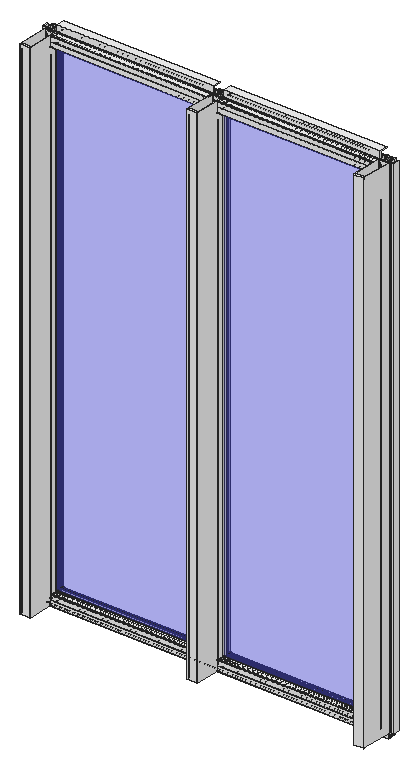
Revit family "Facade_60_Curtain_Wall_E21_Custom", category Windows, host Wall, Revit 2014
Parameters (values of type "F60-E21-Custom")
  Windload Design [instance] = if(Custom Windload < 1001 mm, 1000 mm, if(Custom Windload < 1501 mm, 1500 mm, 2000 mm))  # 1000 mm
  Width [instance] = if(Custom Curtain Wall Width < Limit Door Width Min, Limit Door Width Min, if(Custom Curtain Wall Width > Limit Door Width Max, Limit Door Width Max, Custom Curtain Wall Width))  # 2000 mm
  Wall Thickness [instance] = 200 mm
  Vertical Profile Length [instance] = Height - Frame Bottom Gap  # 2970 mm
  URL = "http://www.crealco.co.za/crealco-products.php"
  Type Comments = ""
  Top Profile Overhang = 5.9 mm  # constant formula
  Thermal Resistance (R) [instance] = if(IGDB or SAGDB Number = 100100, 1.0000 (m²·K)/W / Intruderprufe U Value, if(IGDB or SAGDB Number = 100100, 1.0000 (m²·K)/W / Intruderprufe U Value, if(IGDB or SAGDB Number = 105003, 1.0000 (m²·K)/W / Intruderprufe Insulated U Value, if(IGDB or SAGDB Number = 105004, 1.0000 (m²·K)/W / Intruderprufe Insulated LowE U Value, 1.0000 (m²·K)/W / 7.9)))) * 1  # 0.126582 (m²·K)/W
  Thermal Break Material = Plastic, Opaque Black
  Solar Heat Gain Coefficient [instance] = if(IGDB or SAGDB Number = 100100, Intruderprufe SHGC Value, if(IGDB or SAGDB Number = 103200, Intruderprufe LowE SHGC Value, if(IGDB or SAGDB Number = 105003, Intruderprufe Insulated SHGC Value, if(IGDB or SAGDB Number = 105004, Intruderprufe Insulated LowE SHGC Value, 0))))  # 0
  Single Glazing [instance] = if(DG Forced, 1 = 0, not(Double Glazing))  # no
  Sill Height = 85 mm  # constant formula
  SG Forced [instance] = not(DG Forced)  # no
  Quarter Expansion Break = yes
  Overall Width [instance] = 2000 mm
  Overall Height [instance] = 3000 mm
  Mullion Side Gap [instance] = (Width / 2) - 30 mm  # 970 mm
  Mullion Configuration [instance] = if(Windload Design = 1000 mm, if(not(Height > 2490 mm), 1 mm, if(and(not(Height > 4990 mm), not(Width > 1790 mm)), 2 mm, 3 mm)), if(Windload Design = 1500 mm, if(Height > 2490 mm, 3 mm, if(Width > 2990 mm, 2 mm, 1 mm)), if(Height > 2490 mm, 3 mm, if(Width > 1790 mm, 2 mm, 1 mm))))  # 3 mm
  Model = "Facade 60"
  Max System DG Unit Thickness = 25 mm  # constant formula
  Max System DG One Piece Thickness [instance] = rounddown((Max System DG Unit Thickness - DG Gasket Thickness) / 2 mm) * 1 mm  # 6 mm
  Max Pane Area [instance] = Glazing Width * Glazing Height  # 2.74704 m²
  Manufacturer = "Crealco"
  Limit Door Width Min = (2 * Limit Panel Width Min) + (2 * Glazing Side Gap) + 19.6 mm  # 699.2 mm
  Limit Door Width Max = (2 * Limit Panel Width Max) + (2 * Glazing Side Gap) + 19.6 mm  # 6099.2 mm
  Limit Door Height Min = Limit Panel Height Min + Glazing Top Gap + Glazing Bottom Gap  # 409.6 mm
  Limit Door Height Max = Limit Panel Height Max + Glazing Top Gap + Glazing Bottom Gap  # 6109.6 mm
  Limit Panel Width Min = 300 mm  # constant formula
  Limit Panel Width Max = 3000 mm  # constant formula
  Limit Panel Height Min = 300 mm  # constant formula
  Limit Panel Height Max = 6000 mm  # constant formula
  Sill Length [instance] = Width  # 2000 mm
  Length Sill [instance] = Width  # 2000 mm
  Keynote = ""
  Jamb Width = 60 mm  # constant formula
  Intruderprufe U Value = 0
  Intruderprufe SHGC Value = 0
  Intruderprufe LowE U Value = 0
  Intruderprufe LowE SHGC Value = 0
  Intruderprufe Insulated U Value = 0
  Intruderprufe Insulated SHGC Value = 0
  Intruderprufe Insulated LowE U Value = 0
  Intruderprufe Insulated LowE SHGC Value = 0
  Horizontal Profile Length [instance] = (Width - (2 * Jamb Width) - 60 mm) / 2  # 910 mm
  Half Expansion Break = no
  Glazing Width [instance] = Horizontal Profile Length + (2 mm * 20.2)  # 950.4 mm
  Glazing Top Gap = 39.8 mm  # constant formula
  Glazing Side Gap = 39.8 mm  # constant formula
  Glazing Height [instance] = Height - Glazing Top Gap - Glazing Bottom Gap  # 2890.4 mm
  Glazing Gap SG [instance] = (14 mm - SG Thickness) / 2  # 3.8 mm
  Glazing Gap DG [instance] = (28 mm - (DG Thickness + DG Thickness + DG Gasket Thickness)) / 2  # 3 mm
  Glazing Bottom Gap = 69.8 mm  # constant formula
  Frame Thickness = 101.8 mm  # constant formula
  Frame Bottom Gap = 30 mm  # constant formula
  Door Leaf Height [instance] = 2050 mm
  Double Glazing [instance] = yes
  DG Thickness Calc [instance] = if(not(Max Pane Area > 1.125 m²), 4 mm, if(not(Max Pane Area > 2.25 m²), 4 mm, if(not(Max Pane Area > 3.15 m²), 5 mm, if(not(Max Pane Area > 4.35 m²), 6 mm, if(not(Max Pane Area > 6.45 m²), 8 mm, 10 mm)))))  # 5 mm
  DG Thickness [instance] = if(IGDB or SAGDB Number = 105003, 6 mm, if(IGDB or SAGDB Number = 105004, 7 mm, if(DG Thickness Calc > Max System DG One Piece Thickness, Max System DG One Piece Thickness, DG Thickness Calc)))  # 5 mm
  DG Gasket Thickness = 12 mm  # constant formula
  DG Gasket Finish [instance] = Double Glazing Gasket Material
  DG Forced [instance] = if(IGDB or SAGDB Number = 100100, 1 = 0, if(IGDB or SAGDB Number = 103200, 1 = 0, if(IGDB or SAGDB Number = 105003, 1 = 1, if(IGDB or SAGDB Number = 105004, 1 = 1, Double Glazing))))  # yes
  IGDB or SAGDB Number [instance] = 0
  Height [instance] = if(Custom Curtain Wall Height < Limit Door Height Min, Limit Door Height Min, if(Custom Curtain Wall Height > Limit Door Height Max, Limit Door Height Max, Custom Curtain Wall Height))  # 3000 mm
  Heat Transfer Coefficient (U) [instance] = if(IGDB or SAGDB Number = 100100, Intruderprufe U Value, if(IGDB or SAGDB Number = 103200, Intruderprufe LowE U Value, if(IGDB or SAGDB Number = 105003, Intruderprufe Insulated U Value, if(IGDB or SAGDB Number = 105004, Intruderprufe Insulated LowE U Value, 7.9)))) * 1.0000 W/(m²·K)  # 7.9000 W/(m²·K)
  SG Thickness [instance] = if(IGDB or SAGDB Number = 100100, 6 mm, if(IGDB or SAGDB Number = 103200, 7 mm, if(not(Max Pane Area > 0.75 m²), 4 mm, if(not(Max Pane Area > 1.50 m²), 4 mm, if(not(Max Pane Area > 2.10 m²), 5 mm, if(not(Max Pane Area > 2.90 m²), 6.4 mm, if(not(Max Pane Area > 4.30 m²), 8 mm, 10 mm)))))))  # 6.4 mm
  Glazing Material [instance] = if(IGDB or SAGDB Number = 100100, "PFG INTRUDERPRUFE 6.38mm", if(IGDB or SAGDB Number = 103200, "PFG INTRUDERPRUFE LOW-E 7.38mm", if(IGDB or SAGDB Number = 105003, "PFG 25mm INTRUDERPRUFE INSULATED GLASS", if(IGDB or SAGDB Number = 105004, "PFG 25mm INTRUDERPRUFE INSULATED GLASS LOW-E", "Unknown"))))  # "Unknown"
  Glazing Finish [instance] = Glass
  Glazing Code [instance] = if(IGDB or SAGDB Number = 100100, "LAM01", if(IGDB or SAGDB Number = 103200, "LAM01E", if(IGDB or SAGDB Number = 105003, "IGU25", if(IGDB or SAGDB Number = 105004, "IGU25E", "Unknown"))))  # "Unknown"
  Frame Offset From Exterior [instance] = if(Centered In Wall, (Wall Thickness - Frame Thickness) / 2, Custom Offset From Exterior) + 5.9 mm  # 55 mm
  Description = "Curtain Wall, E21"
  Default Sill Height = 0 mm
  Wall Closure = By host
  Custom Curtain Wall Width [instance] = 2000 mm
  Custom Curtain Wall Height [instance] = 3000 mm
  Custom Windload [instance] = 1000 mm
  Custom Offset From Exterior [instance] = 0 mm
  Centered In Wall [instance] = yes
  Aluminium Finish [instance] = White Powder Coated Aluminium ANP 1052
  All Available Glazing Numbers [instance] = "The rows below list the available glazing materials for this window:"  # constant formula
  190mm Mullion [instance] = if(Mullion Configuration = 3 mm, 1 = 1, 1 = 0)  # yes
  160mm Mullion [instance] = if(Mullion Configuration = 2 mm, 1 = 1, 1 = 0)  # no
  105004 [instance] = "IGU25E"  # constant formula
  105003 [instance] = "IGU25"  # constant formula
  103200 [instance] = "LAM01E"  # constant formula
  100mm Mullion [instance] = if(or(Mullion Configuration = 2 mm, Mullion Configuration = 3 mm), 1 = 0, 1 = 1)  # no
  100100 [instance] = "LAM01"  # constant formula
Reference planes
  plane 1 "Center (Front/Back)": y = 0
  plane 2 "Center (Left/Right)": x = 0
  plane 3 "Left": x = -1000
  plane 4 "Right": x = 1000
  plane 5 "Sill": z = 0
  plane 6 "Head": z = 3000
  plane 7 "Exterior": y = 100
  plane 8 "Interior": y = -100
Lines and regions (mm)
  Opening 1
    outline origin (3507.082, -100, 0) x (1, 0, 0) y (0, 0, 1)
      loop
        line (-2507.082, 0) -> (-2507.082, 3000) -> (-4507.082, 3000) -> (-4507.082, 0) -> (-2507.082, 0)
Text (mm)
  text "EXTERIOR" at (-1963.203, 1332.353, 0), in view "Ref. Level"
  text "INTERIOR" at (-1981.466, -818.386, 0), in view "Ref. Level"
  text "Exterior" at (0, 923.751, 2943.296), in view "Right"
  text "Exterior" at (0, 1040.484, 2685.409), in view "Left"
Dimensions and locks
  equal spacing: plane 3 "Left", plane 2 "Center (Left/Right)", plane 4 "Right"
  "Width": plane 3 "Left" to plane 4 "Right"
  "Height": plane 5 "Sill" to plane 6 "Head"
  "Default Sill Height": plane 5 "Sill" to level
  locked: plane 7 "Exterior" to host wall at 0
  locked: plane 8 "Interior" to host wall
  "Overall Height": plane 6 "Head" to plane 5 "Sill"
  "Overall Width": plane 3 "Left" to plane 4 "Right"
  "Wall Thickness": host wall to host wall
  "Jamb Width": nested 3 to plane 4 "Right"
  "Jamb Width": nested 5 to plane 4 "Right"
  "Frame Bottom Gap": nested 5 to level
  "Frame Offset From Exterior": nested 1 to plane 7 "Exterior"
  "Glazing Side Gap": nested 6 to plane 4 "Right"
  "Glazing Top Gap": nested 6 to plane 6 "Head"
  "Glazing Gap SG": nested 6 to nested 1
  "Glazing Side Gap": nested 7 to plane 4 "Right"
  "Glazing Top Gap": nested 7 to plane 6 "Head"
  "Glazing Gap DG": nested 7 to nested 1
  "Mullion Side Gap": nested 8 to plane 4 "Right"
  "Frame Bottom Gap": nested 8 to level
  "Jamb Width": plane 3 "Left" to nested 10
  "Jamb Width": plane 3 "Left" to nested 9
  "Glazing Side Gap": plane 3 "Left" to nested 11
  "Glazing Side Gap": plane 3 "Left" to nested 12
  "Glazing Gap SG": nested 2 to nested 12
  "Glazing Gap DG": nested 2 to nested 11
  "Glazing Bottom Gap": nested 11 to level
  "Glazing Bottom Gap": nested 12 to level
  "Frame Bottom Gap": nested 9 to level
  aligned and locked: plane 4 "Right" to nested 1
  aligned and locked: nested 1 to plane 6 "Head"
  aligned and locked: plane 3 "Left" to nested 2
  aligned and locked: plane 6 "Head" to nested 2
  aligned and locked: nested 3 to plane 6 "Head"
  aligned and locked: nested 4 to level
  aligned and locked: plane 4 "Right" to nested 4
  aligned and locked: nested 1 to nested 2
  aligned and locked: nested 5 to nested 4
  aligned and locked: nested 8 to nested 2
  aligned and locked: nested 10 to plane 6 "Head"
  aligned and locked: nested 5 to nested 10
  aligned and locked: nested 5 to nested 9
  aligned and locked: nested 10 to nested 3
  aligned and locked: nested 10 to nested 2
Automatic sketch dimensions
  plane 3 "Left" to Opening 1 sketch curve = 0 mm
  plane 4 "Right" to Opening 1 sketch curve = 0 mm
  Opening 1 sketch curve to plane 5 "Sill" = 0 mm
  Opening 1 sketch curve to plane 6 "Head" = 0 mm
Nested families
  nested 1: "F60 Vertical Profile Side_E21_Cust" at (1000, -1.058, 30) x (-1, 0, 0) z (0, 0, 1), Thermal Break Material <- "Thermal Break Material", Profile Material <- "Aluminium Finish", Length <- "Vertical Profile Length", Single Glazing <- "SG Forced", Double Glazing <- "DG Forced", 100mm Mullion <- "100mm Mullion", 160mm Mullion <- "160mm Mullion", 190mm Mullion <- "190mm Mullion", Quarter Expansion Break <- "Quarter Expansion Break", Half Expansion Break <- "Half Expansion Break", type "F60 Vertical Profile Side_E21_Cust"
    with Thermal Break Material Plastic, Opaque Black, Single Glazing no, Quarter SG Expansion Break no, Quarter Length 742.5 mm, Quarter Expansion Break yes, Quarter DG Expansion Break yes, Quarter 190mm Expansion Break yes, Quarter 160mm Expansion Break no, Quarter 100mm Expansion Break no, Profile Material White Powder Coated Aluminium ANP 1052, Length 2970 mm, Half SG Expansion Break no, Half Length 1485 mm, Half Expansion Break no, Half DG Expansion Break no, Half 190mm Expansion Joint no, Half 160mm Expansion Break no, Half 100mm Expansion Break no, Double Glazing yes, 190mm Mullion yes, 160mm Mullion no, 100mm Mullion no
  nested 2: "F60 Vertical Profile Side_E21_Cust" at (-1000, -1.058, 30), Thermal Break Material <- "Thermal Break Material", Profile Material <- "Aluminium Finish", Length <- "Vertical Profile Length", Single Glazing <- "SG Forced", Double Glazing <- "DG Forced", 100mm Mullion <- "100mm Mullion", 160mm Mullion <- "160mm Mullion", 190mm Mullion <- "190mm Mullion", Quarter Expansion Break <- "Quarter Expansion Break", Half Expansion Break <- "Half Expansion Break", type "F60 Vertical Profile Side_E21_Cust"
    with Thermal Break Material Plastic, Opaque Black, Single Glazing no, Quarter SG Expansion Break no, Quarter Length 742.5 mm, Quarter Expansion Break yes, Quarter DG Expansion Break yes, Quarter 190mm Expansion Break yes, Quarter 160mm Expansion Break no, Quarter 100mm Expansion Break no, Profile Material White Powder Coated Aluminium ANP 1052, Length 2970 mm, Half SG Expansion Break no, Half Length 1485 mm, Half Expansion Break no, Half DG Expansion Break no, Half 190mm Expansion Joint no, Half 160mm Expansion Break no, Half 100mm Expansion Break no, Double Glazing yes, 190mm Mullion yes, 160mm Mullion no, 100mm Mullion no
  nested 3: "F60 Horizontal Profile Top_E21_Cust" at (940, -50.858, 2940) x (-1, 0, 0) z (0, 0, 1), Thermal Break Material <- "Thermal Break Material", Profile Material <- "Aluminium Finish", Length <- "Horizontal Profile Length", Single Glazing <- "SG Forced", Double Glazing <- "DG Forced", type "F60 Horizontal Profile Top_E21_Cust"
    with Thermal Break Material Plastic, Opaque Black, Single Glazing no, Profile Material White Powder Coated Aluminium ANP 1052, Length 910 mm, Double Glazing yes
  nested 4: "F60 Sill_E21_Cust" at (1000, -13.486, -1.88) x (-1, 0, 0) z (0, 0, 1), Profile Material <- "Aluminium Finish", Length Sill <- "Length Sill", type "F60 Sill_E21_Cust"
    with Profile Material White Powder Coated Aluminium ANP 1052, Length Sill 2000 mm
  nested 5: "F60 Horizontal Profile Bottom_E21_Cust" at (940, -50.858, 30) x (-1, 0, 0) z (0, 0, 1), Thermal Break Material <- "Thermal Break Material", Profile Material <- "Aluminium Finish", Length <- "Horizontal Profile Length", Single Glazing <- "SG Forced", Double Glazing <- "DG Forced", type "F60 Horizontal Profile Bottom_E21_Cust"
    with Thermal Break Material Plastic, Opaque Black, Single Glazing no, Profile Material White Powder Coated Aluminium ANP 1052, Length 910 mm, Double Glazing yes
  nested 6: "F60_Single_Glazing_E21_Cust" at (960.2, 9.142, 69.8), Glazing Width <- "Glazing Width", Glazing Height <- "Glazing Height", SG Thickness <- "SG Thickness", Glazing Finish <- "Glazing Finish", visible <- "SG Forced", type "F60_Single_Glazing_E21_Cust"
    with SG Thickness 6.4 mm, Glazing Width 950.4 mm, Glazing Height 2890.4 mm, Glazing Finish Glass
  nested 7: "F60_Double_Glazing_E21_Cust" at (960.2, 23.942, 69.8), Glazing Material <- "Glazing Finish", Double Glazing Gasket Material <- "DG Gasket Finish", Glazing Width <- "Glazing Width", Glazing Height <- "Glazing Height", Glazing Thickness DG <- "DG Thickness", Double Glazing Gasket Thickness <- "DG Gasket Thickness", visible <- "DG Forced", type "F60_Double_Glazing_E21_Cust"
    with Glazing Width 950.4 mm, Glazing Thickness DG 5 mm, Glazing Material Glass, Glazing Height 2890.4 mm, Double Glazing Gasket Thickness 12 mm, Double Glazing Gasket Material Double Glazing Gasket Material
  nested 8: "F60 Vertical Profile Middle_E21_Cust" at (30, -1.058, 30) x (-1, 0, 0) z (0, 0, 1), Thermal Break Material <- "Thermal Break Material", Profile Material <- "Aluminium Finish", Single Glazing <- "SG Forced", Double Glazing <- "DG Forced", 190mm Mullion <- "190mm Mullion", 160mm Mullion <- "160mm Mullion", 100mm Mullion <- "100mm Mullion", Length <- "Vertical Profile Length", Half Expansion Break <- "Half Expansion Break", Quarter Expansion Break <- "Quarter Expansion Break", type "F60 Vertical Profile Middle_E21_Cust"
    with Thermal Break Material Plastic, Opaque Black, Single Glazing no, Quarter SG Expansion Break no, Quarter Length 742.5 mm, Quarter Expansion Break yes, Quarter DG Expansion Break yes, Quarter 190mm Expansion Break yes, Quarter 160mm Expansion Break no, Quarter 100mm Expansion Break no, Profile Material White Powder Coated Aluminium ANP 1052, Length 2970 mm, Half SG Expansion Break no, Half Length 1485 mm, Half Expansion Break no, Half DG Expansion Break no, Half 190mm Expansion Joint no, Half 160mm Expansion Break no, Half 100mm Expansion Break no, Double Glazing yes, 190mm Mullion yes, 160mm Mullion no, 100mm Mullion no
  nested 9: "F60 Horizontal Profile Bottom_E21_Cust" at (-30, -50.858, 30) x (-1, 0, 0) z (0, 0, 1), Thermal Break Material <- "Thermal Break Material", Profile Material <- "Aluminium Finish", Length <- "Horizontal Profile Length", Single Glazing <- "SG Forced", Double Glazing <- "DG Forced", type "F60 Horizontal Profile Bottom_E21_Cust"
    with Thermal Break Material Plastic, Opaque Black, Single Glazing no, Profile Material White Powder Coated Aluminium ANP 1052, Length 910 mm, Double Glazing yes
  nested 10: "F60 Horizontal Profile Top_E21_Cust" at (-30, -50.858, 2940) x (-1, 0, 0) z (0, 0, 1), Thermal Break Material <- "Thermal Break Material", Profile Material <- "Aluminium Finish", Length <- "Horizontal Profile Length", Single Glazing <- "SG Forced", Double Glazing <- "DG Forced", type "F60 Horizontal Profile Top_E21_Cust"
    with Thermal Break Material Plastic, Opaque Black, Single Glazing no, Profile Material White Powder Coated Aluminium ANP 1052, Length 910 mm, Double Glazing yes
  nested 11: "F60_Double_Glazing_E21_Cust" at (-9.8, 23.942, 69.8), Glazing Material <- "Glazing Finish", Double Glazing Gasket Material <- "DG Gasket Finish", Glazing Width <- "Glazing Width", Glazing Height <- "Glazing Height", Glazing Thickness DG <- "DG Thickness", Double Glazing Gasket Thickness <- "DG Gasket Thickness", visible <- "DG Forced", type "F60_Double_Glazing_E21_Cust"
    with Glazing Width 950.4 mm, Glazing Thickness DG 5 mm, Glazing Material Glass, Glazing Height 2890.4 mm, Double Glazing Gasket Thickness 12 mm, Double Glazing Gasket Material Double Glazing Gasket Material
  nested 12: "F60_Single_Glazing_E21_Cust" at (-9.8, 9.142, 69.8), Glazing Width <- "Glazing Width", Glazing Height <- "Glazing Height", SG Thickness <- "SG Thickness", Glazing Finish <- "Glazing Finish", visible <- "SG Forced", type "F60_Single_Glazing_E21_Cust"
    with SG Thickness 6.4 mm, Glazing Width 950.4 mm, Glazing Height 2890.4 mm, Glazing Finish Glass
Definition of nested family "F60 Vertical Profile Side_E21_Cust"
  Parameters (values of type "F60 Vertical Profile Side")
    Quarter SG Expansion Break [instance] = if(and(Quarter Expansion Break, Single Glazing), 1 = 1, 1 = 0)  # yes
    Quarter Length [instance] = Length / 4  # 62.5 mm
    Thermal Break Material [instance] = none
    Single Glazing [instance] = yes
    Quarter Expansion Break [instance] = yes
    Quarter DG Expansion Break [instance] = if(and(Quarter Expansion Break, Double Glazing), 1 = 1, 1 = 0)  # yes
    Quarter 190mm Expansion Break [instance] = if(and(Quarter Expansion Break, [190mm Mullion]), 1 = 1, 1 = 0)  # yes
    Quarter 160mm Expansion Break [instance] = if(and(Quarter Expansion Break, [160mm Mullion]), 1 = 1, 1 = 0)  # yes
    Quarter 100mm Expansion Break [instance] = if(and(Quarter Expansion Break, [100mm Mullion]), 1 = 1, 1 = 0)  # yes
    Profile Material [instance] = none
    Length [instance] = 250 mm
    Half SG Expansion Break [instance] = if(and(Half Expansion Break, Single Glazing), 1 = 1, 1 = 0)  # yes
    Half Length [instance] = Length / 2  # 125 mm
    Half Expansion Break [instance] = yes
    Half DG Expansion Break [instance] = if(and(Half Expansion Break, Double Glazing), 1 = 1, 1 = 0)  # yes
    Half 190mm Expansion Joint [instance] = if(and(Half Expansion Break, [190mm Mullion]), 1 = 1, 1 = 0)  # yes
    Half 160mm Expansion Break [instance] = if(and(Half Expansion Break, [160mm Mullion]), 1 = 1, 1 = 0)  # yes
    Half 100mm Expansion Break [instance] = if(and(Half Expansion Break, [100mm Mullion]), 1 = 1, 1 = 0)  # yes
    Double Glazing [instance] = yes
    190mm Mullion [instance] = yes
    160mm Mullion [instance] = yes
    100mm Mullion [instance] = yes
  Reference planes
    plane 1 "Center (Front/Back)": y = 0
    plane 2: z = 0
    plane 3 "Center (Left/Right)": x = 0
  Forms (mm)
    Extrusion 1, solid, material <- "Profile Material"
      sketch origin (0, 0, 0) x (1, 0, 0) y (0, 1, 0)
        loop
          arc (25.249, -8.7) -> (25.484, -9.266) -> (26.049, -9.5) r 0.8
          line (26.049, -9.5) -> (27.1, -9.5) -> (27.1, 7) -> (32.902, 7) -> (32.902, -9.5) -> (33.951, -9.5)
          arc (33.951, -9.5) -> (34.516, -9.266) -> (34.751, -8.7) r 0.8
          line (34.751, -8.7) -> (34.751, 6.2)
          arc (34.751, 6.2) -> (34.985, 6.766) -> (35.551, 7) r 0.8
          line (35.551, 7) -> (52.1, 7) -> (52.1, 5.4) -> (50.55, 5.4) -> (50.55, 4.55)
          arc (50.55, 4.55) -> (50.726, 4.126) -> (51.15, 3.95) r 0.6
          line (51.15, 3.95) -> (52.1, 3.95) -> (52.1, 1)
          arc (52.1, 1) -> (51.6, 0.5) -> (52.1, 0) r 0.5
          line (52.1, 0) -> (54.45, 0) -> (54.45, 1.15) -> (53.3, 1.15) -> (53.3, 2.45) -> (58.8, 2.45) -> (58.8, 1.15) -> (57.65, 1.15) -> (57.65, 0) -> (59.5, 0)
          arc (59.5, 0) -> (59.854, 0.146) -> (60, 0.5) r 0.5
          line (60, 0.5) -> (60, 3.9) -> (53.55, 3.9) -> (53.55, 7.6)
          arc (53.55, 7.6) -> (53.316, 8.166) -> (52.75, 8.4) r 0.8
          line (52.75, 8.4) -> (30, 8.4) -> (7.25, 8.4)
          arc (7.25, 8.4) -> (6.684, 8.166) -> (6.45, 7.6) r 0.8
          line (6.45, 7.6) -> (6.45, 3.9) -> (0, 3.9) -> (0, 0.5)
          arc (0, 0.5) -> (0.146, 0.146) -> (0.5, 0) r 0.5
          line (0.5, 0) -> (2.35, 0) -> (2.35, 1.15) -> (1.2, 1.15) -> (1.2, 2.45) -> (6.7, 2.45) -> (6.7, 1.15) -> (5.55, 1.15) -> (5.55, 0) -> (7.9, 0)
          arc (7.9, 0) -> (8.4, 0.5) -> (7.9, 1) r 0.5
          line (7.9, 1) -> (7.9, 3.95) -> (8.85, 3.95)
          arc (8.85, 3.95) -> (9.274, 4.126) -> (9.45, 4.55) r 0.6
          line (9.45, 4.55) -> (9.45, 5.4) -> (7.9, 5.4) -> (7.9, 7) -> (24.449, 7)
          arc (24.449, 7) -> (25.015, 6.766) -> (25.249, 6.2) r 0.8
          line (25.249, 6.2) -> (25.249, -8.7)
      from 0 to 250 <- "Length"
    Extrusion 2, solid, material <- "Thermal Break Material"
      sketch origin (0, 0, 0) x (1, 0, 0) y (0, 1, 0)
        loop
          line (1.75, 9.8) -> (1.75, 5.2) -> (0, 5.2) -> (0, 3.9) -> (6.35, 3.9) -> (6.35, 7.856)
          arc (6.35, 7.856) -> (6.526, 8.281) -> (6.95, 8.456) r 0.6
          line (6.95, 8.456) -> (30, 8.456) -> (53.05, 8.456)
          arc (53.05, 8.456) -> (53.474, 8.281) -> (53.65, 7.856) r 0.6
          line (53.65, 7.856) -> (53.65, 3.9) -> (60, 3.9) -> (60, 5.2) -> (58.25, 5.2) -> (58.25, 9.8) -> (30, 9.8) -> (1.75, 9.8)
      from 0 to 250 <- "Length"
    Extrusion 3, solid, material <- "Thermal Break Material", visible <- "Single Glazing"
      sketch origin (0, 0, 0) x (1, 0, 0) y (0, 1, 0)
        loop
          line (25.749, -14.011) -> (27.672, -14.011) -> (28.481, -12.611) -> (31.518, -12.611) -> (32.327, -14.011) -> (34.249, -14.011)
          arc (34.249, -14.011) -> (34.603, -13.864) -> (34.749, -13.511) r 0.5
          line (34.749, -13.511) -> (34.749, -10.011)
          arc (34.749, -10.011) -> (34.603, -9.657) -> (34.249, -9.511) r 0.5
          line (34.249, -9.511) -> (32.352, -9.511) -> (32.352, 0.19) -> (31.349, 2.261)
          arc (31.349, 2.261) -> (29.999, 2.986) -> (28.649, 2.261) r 1.62
          line (28.649, 2.261) -> (27.647, 0.19) -> (27.647, -9.511) -> (25.749, -9.511)
          arc (25.749, -9.511) -> (25.396, -9.657) -> (25.249, -10.011) r 0.5
          line (25.249, -10.011) -> (25.249, -13.511)
          arc (25.249, -13.511) -> (25.396, -13.864) -> (25.749, -14.011) r 0.5
        loop
          line (28.504, -10.005) -> (28.504, -10.861)
          arc (28.504, -10.861) -> (28.651, -11.214) -> (29.004, -11.361) r 0.5
          line (29.004, -11.361) -> (30.994, -11.361)
          arc (30.994, -11.361) -> (31.348, -11.214) -> (31.494, -10.861) r 0.5
          line (31.494, -10.861) -> (31.494, -10.005) -> (30.708, -9.219)
          arc (30.708, -9.219) -> (30.383, -9.001) -> (29.999, -8.924) r 1.007
          arc (29.999, -8.924) -> (29.616, -8.999) -> (29.292, -9.217) r 0.986
          line (29.292, -9.217) -> (28.504, -10.005)
        loop
          arc (30.896, 1.935) -> (29.887, 2.44) -> (29.005, 1.735) r 1.047
          line (29.005, 1.735) -> (28.347, 0.374) -> (28.347, -6.993)
          arc (28.347, -6.993) -> (28.583, -7.417) -> (29.068, -7.441) r 0.5
          arc (29.068, -7.441) -> (29.999, -7.223) -> (30.93, -7.441) r 2.099
          arc (30.93, -7.441) -> (31.416, -7.417) -> (31.652, -6.993) r 0.5
          line (31.652, -6.993) -> (31.652, 0.374) -> (30.896, 1.935)
      from 0 to 250 <- "Length"
    Extrusion 4, solid, material <- "Profile Material", visible <- "Single Glazing"
      sketch origin (0, 0, 0) x (1, 0, 0) y (0, 1, 0)
        loop
          line (52.693, -14.011) -> (32.327, -14.011) -> (31.519, -12.611) -> (28.481, -12.611) -> (27.673, -14.011) -> (7.307, -14.011) -> (7.307, -15.011) -> (8.457, -15.011) -> (8.457, -16.261) -> (2.957, -16.261) -> (2.957, -15.011) -> (4.107, -15.011) -> (4.107, -14.011) -> (1.707, -14.011)
          arc (1.707, -14.011) -> (1.199, -14.293) -> (1.168, -14.873) r 0.6
          line (1.168, -14.873) -> (2.093, -16.772) -> (1.015, -17.298) -> (1.484, -18.261) -> (11.488, -18.261)
          arc (11.488, -18.261) -> (11.913, -18.085) -> (12.088, -17.661) r 0.6
          line (12.088, -17.661) -> (12.088, -16.811) -> (47.912, -16.811) -> (47.912, -17.661)
          arc (47.912, -17.661) -> (48.088, -18.085) -> (48.512, -18.261) r 0.6
          line (48.512, -18.261) -> (58.518, -18.261) -> (58.987, -17.298) -> (57.908, -16.772) -> (58.834, -14.874)
          arc (58.834, -14.874) -> (58.802, -14.293) -> (58.293, -14.011) r 0.6
          line (58.293, -14.011) -> (55.893, -14.011) -> (55.893, -15.011) -> (57.043, -15.011) -> (57.043, -16.261) -> (51.543, -16.261) -> (51.543, -15.011) -> (52.693, -15.011) -> (52.693, -14.011)
      from 0 to 250 <- "Length"
    Extrusion 5, solid, material <- "Profile Material", visible <- "Single Glazing"
      sketch origin (0, 0, 0) x (1, 0, 0) y (0, 1, 0)
        loop
          line (2.801, -18.261) -> (1.484, -18.261) -> (1.015, -17.298) -> (2.093, -16.772) -> (0.779, -14.076)
          arc (0.779, -14.076) -> (0.239, -14.21) -> (0.001, -14.713) r 0.65
          line (0.001, -14.713) -> (0.001, -28.068)
          arc (0.001, -28.068) -> (1.172, -30.897) -> (4.001, -32.068) r 4
          line (4.001, -32.068) -> (30.001, -32.068) -> (56.001, -32.068)
          arc (56.001, -32.068) -> (58.829, -30.897) -> (60.001, -28.068) r 4
          line (60.001, -28.068) -> (60.001, -14.713)
          arc (60.001, -14.713) -> (59.763, -14.21) -> (59.223, -14.076) r 0.65
          line (59.223, -14.076) -> (57.908, -16.772) -> (58.987, -17.298) -> (58.518, -18.261) -> (57.201, -18.261)
          arc (57.201, -18.261) -> (56.83, -18.425) -> (56.703, -18.811) r 0.5
          arc (56.703, -18.811) -> (56.83, -19.196) -> (57.201, -19.361) r 0.5
          line (57.201, -19.361) -> (58.951, -19.361) -> (58.951, -27.968)
          arc (58.951, -27.968) -> (58.131, -29.948) -> (56.151, -30.768) r 2.8
          line (56.151, -30.768) -> (30.001, -30.768) -> (3.851, -30.768)
          arc (3.851, -30.768) -> (1.871, -29.948) -> (1.051, -27.968) r 2.8
          line (1.051, -27.968) -> (1.051, -19.361) -> (2.801, -19.361)
          arc (2.801, -19.361) -> (3.172, -19.196) -> (3.298, -18.811) r 0.5
          arc (3.298, -18.811) -> (3.172, -18.425) -> (2.801, -18.261) r 0.5
      from 0 to 250 <- "Length"
    Extrusion 6, solid, material <- "Profile Material", visible <- "100mm Mullion"
      sketch origin (0, 0, 0) x (1, 0, 0) y (0, 1, 0)
        loop
          line (14.02, 13) -> (45.98, 13)
          arc (45.98, 13) -> (46.539, 12.842) -> (46.917, 12.4) r 1
          arc (46.917, 12.4) -> (47.285, 11.963) -> (47.833, 11.8) r 1
          line (47.833, 11.8) -> (58.15, 11.8) -> (58.15, 96.3) -> (47.833, 96.3)
          arc (47.833, 96.3) -> (47.285, 96.137) -> (46.917, 95.7) r 1
          arc (46.917, 95.7) -> (46.548, 95.263) -> (46, 95.1) r 1
          line (46, 95.1) -> (14, 95.1)
          arc (14, 95.1) -> (13.452, 95.263) -> (13.083, 95.7) r 1
          arc (13.083, 95.7) -> (12.715, 96.137) -> (12.167, 96.3) r 1
          line (12.167, 96.3) -> (1.85, 96.3) -> (1.85, 11.8) -> (12.167, 11.8)
          arc (12.167, 11.8) -> (12.715, 11.963) -> (13.083, 12.4) r 1
          arc (13.083, 12.4) -> (13.461, 12.842) -> (14.02, 13) r 1
        loop
          line (1.65, 9.856) -> (58.35, 9.856) -> (58.35, 5.2) -> (60, 5.2) -> (60, 98.8)
          arc (60, 98.8) -> (59.707, 99.507) -> (59, 99.8) r 1
          line (59, 99.8) -> (1, 99.8)
          arc (1, 99.8) -> (0.293, 99.507) -> (0, 98.8) r 1
          line (0, 98.8) -> (0, 5.2) -> (1.65, 5.2) -> (1.65, 9.856)
      from 0 to 250 <- "Length"
    Extrusion 7, solid, material <- "Profile Material", visible <- "160mm Mullion"
      sketch origin (0, 0, 0) x (1, 0, 0) y (0, 1, 0)
        loop
          arc (2.35, 15.6) -> (2.526, 15.176) -> (2.95, 15) r 0.6
          line (2.95, 15) -> (57.05, 15)
          arc (57.05, 15) -> (57.474, 15.176) -> (57.65, 15.6) r 0.6
          line (57.65, 15.6) -> (57.65, 153.7)
          arc (57.65, 153.7) -> (57.474, 154.124) -> (57.05, 154.3) r 0.6
          line (57.05, 154.3) -> (47.833, 154.3)
          arc (47.833, 154.3) -> (47.285, 154.137) -> (46.917, 153.7) r 1
          arc (46.917, 153.7) -> (46.548, 153.263) -> (46, 153.1) r 1
          line (46, 153.1) -> (14, 153.1)
          arc (14, 153.1) -> (13.452, 153.263) -> (13.083, 153.7) r 1
          arc (13.083, 153.7) -> (12.715, 154.137) -> (12.167, 154.3) r 1
          line (12.167, 154.3) -> (2.95, 154.3)
          arc (2.95, 154.3) -> (2.526, 154.124) -> (2.35, 153.7) r 0.6
          line (2.35, 153.7) -> (2.35, 15.6)
        loop
          arc (1, 159.8) -> (0.293, 159.507) -> (0, 158.8) r 1
          line (0, 158.8) -> (0, 5.2) -> (1.65, 5.2) -> (1.65, 10.013) -> (58.35, 10.013) -> (58.35, 5.2) -> (60, 5.2) -> (60, 158.8)
          arc (60, 158.8) -> (59.707, 159.507) -> (59, 159.8) r 1
          line (59, 159.8) -> (1, 159.8)
      from 0 to 250 <- "Length"
    Extrusion 8, solid, material <- "Profile Material", visible <- "190mm Mullion"
      sketch origin (0, 0, 0) x (1, 0, 0) y (0, 1, 0)
        loop
          line (57.25, 15.1) -> (57.25, 178.3)
          arc (57.25, 178.3) -> (56.957, 179.007) -> (56.25, 179.3) r 1
          line (56.25, 179.3) -> (3.75, 179.3)
          arc (3.75, 179.3) -> (3.043, 179.007) -> (2.75, 178.3) r 1
          line (2.75, 178.3) -> (2.75, 15.1)
          arc (2.75, 15.1) -> (2.984, 14.534) -> (3.55, 14.3) r 0.8
          line (3.55, 14.3) -> (56.45, 14.3)
          arc (56.45, 14.3) -> (57.016, 14.534) -> (57.25, 15.1) r 0.8
        loop
          line (60, 5.2) -> (60, 188.8)
          arc (60, 188.8) -> (59.707, 189.507) -> (59, 189.8) r 1
          line (59, 189.8) -> (1, 189.8)
          arc (1, 189.8) -> (0.293, 189.507) -> (0, 188.8) r 1
          line (0, 188.8) -> (0, 5.2) -> (1.65, 5.2) -> (1.65, 9.856) -> (58.35, 9.856) -> (58.35, 5.2) -> (60, 5.2)
      from 0 to 250 <- "Length"
    Extrusion 9, solid, material <- "Thermal Break Material", visible <- "Double Glazing"
      sketch origin (0, 0, 0) x (1, 0, 0) y (0, 1, 0)
        loop
          line (27.672, -28) -> (28.48, -26.6) -> (31.518, -26.6) -> (32.326, -28) -> (34.249, -28)
          arc (34.249, -28) -> (34.603, -27.854) -> (34.749, -27.5) r 0.5
          line (34.749, -27.5) -> (34.749, -10)
          arc (34.749, -10) -> (34.603, -9.646) -> (34.249, -9.5) r 0.5
          line (34.249, -9.5) -> (32.352, -9.5) -> (32.352, 0.198) -> (31.348, 2.272)
          arc (31.348, 2.272) -> (29.998, 2.997) -> (28.648, 2.272) r 1.62
          line (28.648, 2.272) -> (27.645, 0.201) -> (27.645, -9.5) -> (25.749, -9.5)
          arc (25.749, -9.5) -> (25.396, -9.646) -> (25.249, -10) r 0.5
          line (25.249, -10) -> (25.249, -27.5)
          arc (25.249, -27.5) -> (25.396, -27.854) -> (25.749, -28) r 0.5
          line (25.749, -28) -> (27.672, -28)
        loop
          arc (30.706, -9.206) -> (30.382, -8.99) -> (29.999, -8.913) r 1.007
          arc (29.999, -8.913) -> (29.616, -8.988) -> (29.292, -9.206) r 0.986
          line (29.292, -9.206) -> (27.142, -11.356)
          arc (27.142, -11.356) -> (26.926, -11.68) -> (26.849, -12.063) r 1
          line (26.849, -12.063) -> (26.849, -24)
          arc (26.849, -24) -> (27.142, -24.707) -> (27.849, -25) r 1
          line (27.849, -25) -> (32.149, -25)
          arc (32.149, -25) -> (32.856, -24.707) -> (33.149, -24) r 1
          line (33.149, -24) -> (33.149, -12.063)
          arc (33.149, -12.063) -> (33.073, -11.68) -> (32.856, -11.356) r 1
          line (32.856, -11.356) -> (30.706, -9.206)
        loop
          arc (28.345, -6.982) -> (28.581, -7.407) -> (29.067, -7.43) r 0.5
          arc (29.067, -7.43) -> (29.998, -7.213) -> (30.929, -7.43) r 2.099
          arc (30.929, -7.43) -> (31.414, -7.407) -> (31.651, -6.982) r 0.5
          line (31.651, -6.982) -> (31.651, 0.385) -> (30.895, 1.946)
          arc (30.895, 1.946) -> (29.885, 2.45) -> (29.004, 1.745) r 1.047
          line (29.004, 1.745) -> (28.345, 0.385) -> (28.345, -6.982)
      from 0 to 250 <- "Length"
    Extrusion 10, solid, material <- "Profile Material", visible <- "Double Glazing"
      sketch origin (0, 0, 0) x (1, 0, 0) y (0, 1, 0)
        loop
          line (52.692, -28) -> (32.327, -28) -> (31.518, -26.6) -> (28.48, -26.6) -> (27.672, -28) -> (7.306, -28) -> (7.306, -29) -> (8.456, -29) -> (8.456, -30.25) -> (2.956, -30.25) -> (2.956, -29) -> (4.106, -29) -> (4.106, -28) -> (1.706, -28)
          arc (1.706, -28) -> (1.198, -28.282) -> (1.167, -28.863) r 0.6
          line (1.167, -28.863) -> (2.093, -30.762) -> (1.014, -31.288) -> (1.483, -32.25) -> (11.488, -32.25)
          arc (11.488, -32.25) -> (11.912, -32.074) -> (12.088, -31.65) r 0.6
          line (12.088, -31.65) -> (12.088, -30.8) -> (47.911, -30.8) -> (47.911, -31.65)
          arc (47.911, -31.65) -> (48.087, -32.074) -> (48.511, -32.25) r 0.6
          line (48.511, -32.25) -> (58.517, -32.25) -> (58.986, -31.288) -> (57.907, -30.762) -> (58.833, -28.864)
          arc (58.833, -28.864) -> (58.801, -28.282) -> (58.292, -28) r 0.6
          line (58.292, -28) -> (55.892, -28) -> (55.892, -29) -> (57.042, -29) -> (57.042, -30.25) -> (51.542, -30.25) -> (51.542, -29) -> (52.692, -29) -> (52.692, -28)
      from 0 to 250 <- "Length"
    Extrusion 11, solid, material <- "Profile Material", visible <- "Double Glazing"
      sketch origin (0, 0, 0) x (1, 0, 0) y (0, 1, 0)
        loop
          line (2.8, -32.25) -> (1.483, -32.25) -> (1.014, -31.288) -> (2.093, -30.762) -> (0.778, -28.065)
          arc (0.778, -28.065) -> (0.238, -28.2) -> (0, -28.702) r 0.65
          line (0, -28.702) -> (0, -42.058)
          arc (0, -42.058) -> (1.172, -44.886) -> (4, -46.058) r 4
          line (4, -46.058) -> (30, -46.058) -> (56, -46.058)
          arc (56, -46.058) -> (58.828, -44.886) -> (60, -42.058) r 4
          line (60, -42.058) -> (60, -28.702)
          arc (60, -28.702) -> (59.762, -28.2) -> (59.222, -28.065) r 0.65
          line (59.222, -28.065) -> (57.907, -30.762) -> (58.986, -31.288) -> (58.517, -32.25) -> (57.2, -32.25)
          arc (57.2, -32.25) -> (56.829, -32.415) -> (56.703, -32.8) r 0.5
          arc (56.703, -32.8) -> (56.829, -33.185) -> (57.2, -33.35) r 0.5
          line (57.2, -33.35) -> (58.95, -33.35) -> (58.95, -41.958)
          arc (58.95, -41.958) -> (58.13, -43.938) -> (56.15, -44.758) r 2.8
          line (56.15, -44.758) -> (30, -44.758) -> (3.85, -44.758)
          arc (3.85, -44.758) -> (1.87, -43.938) -> (1.05, -41.958) r 2.8
          line (1.05, -41.958) -> (1.05, -33.35) -> (2.8, -33.35)
          arc (2.8, -33.35) -> (3.171, -33.185) -> (3.297, -32.8) r 0.5
          arc (3.297, -32.8) -> (3.171, -32.415) -> (2.8, -32.25) r 0.5
      from 0 to 250 <- "Length"
    Extrusion 12, solid, material <- "Profile Material", visible <- "Single Glazing"
      sketch origin (0, 0, 0) x (1, 0, 0) y (0, 1, 0)
        loop
          line (10.403, -10.171) -> (10.403, -3.821) -> (-21.349, -3.821) -> (-21.349, -35.567) -> (-14.999, -35.567) -> (-14.999, -10.171) -> (10.403, -10.171)
      from 0 to 250 <- "Length"
    Extrusion 13, solid, material <- "Profile Material", visible <- "Double Glazing"
      sketch origin (0, 0, 0) x (1, 0, 0) y (0, 1, 0)
        loop
          line (10.402, -7.775) -> (10.402, -1.425) -> (-21.35, -1.425) -> (-21.35, -33.172) -> (-15, -33.172) -> (-15, -7.775) -> (10.402, -7.775)
      from 0 to 250 <- "Length"
    Extrusion 14, solid, material <- "Profile Material", visible <- "Double Glazing"
      sketch origin (0, 0, 0) x (1, 0, 0) y (0, 1, 0)
        loop
          line (12, -7.775) -> (0, -7.775) -> (0, -25.775) -> (12, -25.775) -> (12, -7.775)
        loop
          line (10.8, -8.975) -> (1.2, -8.975) -> (1.2, -24.575) -> (10.8, -24.575) -> (10.8, -8.975)
      from 0 to 250 <- "Length"
  Lines and regions (mm)
    model lines, style "GenericModelHiddenLines", visible <- "Half 100mm Expansion Break"
      curve 1: line (60, 5.2, 125) -> (60, 95.2, 125)
      curve 2: line (60, 99.8, 125) -> (0, 99.8, 125)
      curve 8: line (0, 5.2, 125) -> (0, 95.2, 125)
    model lines, style "GenericModelHiddenLines", visible <- "Quarter 100mm Expansion Break"
      curve 3: line (60, 5.2, 187.5) -> (60, 95.2, 187.5)
      curve 4: line (60, 5.2, 62.5) -> (60, 95.2, 62.5)
      curve 5: line (60, 99.8, 62.5) -> (0, 99.8, 62.5)
      curve 6: line (60, 99.8, 187.5) -> (0, 99.8, 187.5)
      curve 7: line (0, 5.2, 187.5) -> (0, 95.2, 187.5)
      curve 9: line (0, 5.2, 62.5) -> (0, 95.2, 62.5)
    model lines, style "GenericModelHiddenLines", visible <- "Half SG Expansion Break"
      curve 10: line (4.107, -32.068, 125) -> (55.893, -32.068, 125)
      curve 14: line (60.001, -14.011, 125) -> (60.001, -32.068, 125)
    model lines, style "GenericModelHiddenLines", visible <- "Quarter SG Expansion Break"
      curve 11: line (4.107, -32.068, 187.5) -> (56.703, -32.068, 187.5)
      curve 12: line (4.107, -32.068, 62.5) -> (56.703, -32.068, 62.5)
      curve 13: line (60.001, -14.011, 187.5) -> (60.001, -32.068, 187.5)
      curve 15: line (60.001, -14.011, 62.5) -> (60.001, -32.068, 62.5)
    model lines, style "GenericModelHiddenLines", visible <- "Quarter 160mm Expansion Break"
      curve 16: line (0, 5.2, 187.5) -> (0, 155.2, 187.5)
      curve 18: line (0, 5.2, 62.5) -> (0, 155.2, 62.5)
      curve 19: line (0, 159.8, 187.5) -> (60, 159.8, 187.5)
      curve 21: line (0, 159.8, 62.5) -> (60, 159.8, 62.5)
      curve 22: line (60, 5.2, 187.5) -> (60, 155.2, 187.5)
      curve 24: line (60, 5.2, 62.5) -> (60, 155.2, 62.5)
    model lines, style "GenericModelHiddenLines", visible <- "Half 160mm Expansion Break"
      curve 17: line (0, 5.2, 125) -> (0, 155.2, 125)
      curve 20: line (0, 159.8, 125) -> (60, 159.8, 125)
      curve 23: line (60, 5.2, 125) -> (60, 155.2, 125)
    model lines, style "GenericModelHiddenLines", visible <- "Quarter 190mm Expansion Break"
      curve 25: line (0, 5.2, 187.5) -> (0, 185.2, 187.5)
      curve 27: line (0, 5.2, 62.5) -> (0, 185.2, 62.5)
      curve 28: line (0.779, 189.8, 187.5) -> (59.222, 189.8, 187.5)
      curve 30: line (0.779, 189.8, 62.5) -> (59.222, 189.8, 62.5)
      curve 31: line (60, 5.2, 187.5) -> (60, 185.2, 187.5)
      curve 33: line (60, 5.2, 62.5) -> (60, 185.2, 62.5)
    model lines, style "GenericModelHiddenLines", visible <- "Half 190mm Expansion Joint"
      curve 26: line (0, 5.2, 125) -> (0, 185.2, 125)
      curve 29: line (0.779, 189.8, 125) -> (59.222, 189.8, 125)
      curve 32: line (60, 5.2, 125) -> (60, 185.2, 125)
    model lines, style "GenericModelHiddenLines", visible <- "Quarter DG Expansion Break"
      curve 34: line (60, -28.065, 187.5) -> (60, -46.074, 187.5)
      curve 36: line (60, -28.065, 62.5) -> (60, -46.027, 62.5)
      curve 37: line (59.222, -46.058, 187.5) -> (0.779, -46.058, 187.5)
      curve 39: line (59.222, -46.058, 62.5) -> (0.779, -46.058, 62.5)
    model lines, style "GenericModelHiddenLines", visible <- "Half DG Expansion Break"
      curve 35: line (60, -28.065, 125) -> (60, -46.074, 125)
      curve 38: line (59.222, -46.058, 125) -> (0.779, -46.058, 125)
  Dimensions and locks
    "Half Length": curve 1 to level
    "Half Length": level to curve 2
    "Quarter Length": curve 4 to level
    "Quarter Length": Extrusion 8 to curve 3
    "Quarter Length": level to curve 5
    "Quarter Length": curve 6 to Extrusion 6
    "Quarter Length": curve 9 to level
    "Half Length": curve 8 to level
    "Quarter Length": Extrusion 8 to curve 7
    "Quarter Length": curve 12 to level
    "Half Length": curve 10 to level
    "Quarter Length": Extrusion 5 to curve 11
    "Quarter Length": curve 15 to level
    "Half Length": curve 14 to level
    "Quarter Length": Extrusion 5 to curve 13
    "Quarter Length": Extrusion 7 to curve 18
    "Half Length": Extrusion 7 to curve 17
    "Quarter Length": Extrusion 7 to curve 16
    "Quarter Length": Extrusion 7 to curve 21
    "Quarter Length": curve 19 to Extrusion 7
    "Half Length": Extrusion 7 to curve 20
    "Quarter Length": Extrusion 7 to curve 24
    "Quarter Length": Extrusion 7 to curve 22
    "Half Length": Extrusion 7 to curve 23
    "Quarter Length": Extrusion 8 to curve 27
    "Quarter Length": Extrusion 8 to curve 25
    "Half Length": Extrusion 8 to curve 26
    "Quarter Length": Extrusion 8 to curve 30
    "Quarter Length": curve 28 to Extrusion 8
    "Half Length": Extrusion 8 to curve 29
    "Quarter Length": Extrusion 8 to curve 33
    "Quarter Length": Extrusion 8 to curve 31
    "Half Length": Extrusion 8 to curve 32
    "Quarter Length": Extrusion 11 to curve 36
    "Quarter Length": Extrusion 11 to curve 34
    "Half Length": Extrusion 11 to curve 35
    "Quarter Length": Extrusion 11 to curve 37
    "Quarter Length": curve 39 to Extrusion 11
    "Half Length": curve 38 to Extrusion 11
    aligned and locked: level to plane 2
  Automatic sketch dimensions
    Extrusion 1 sketch curve to plane 3 "Center (Left/Right)" = 0 mm
    plane 1 "Center (Front/Back)" to Extrusion 1 sketch curve = 0 mm  (x4)
    plane 3 "Center (Left/Right)" to Extrusion 1 sketch curve = 0.5 mm
    Extrusion 1 sketch curve to Extrusion 1 sketch curve = 0.7 mm  (x2)
    Extrusion 1 sketch curve to Extrusion 1 sketch curve = 1.15 mm  (x4)
    Extrusion 1 sketch curve to Extrusion 1 sketch curve = 3.2 mm  (x2)
    Extrusion 1 sketch curve to Extrusion 1 sketch curve = 0.9 mm
    Extrusion 1 sketch curve to Extrusion 1 sketch curve = 0.25 mm
    Extrusion 1 sketch curve to Extrusion 1 sketch curve = 0.8 mm  (x7)
    Extrusion 1 sketch curve to Extrusion 1 sketch curve = 1.45 mm  (x2)
    Extrusion 1 sketch curve to Extrusion 1 sketch curve = 0.65 mm  (x3)
    Extrusion 1 sketch curve to Extrusion 1 sketch curve = 0.95 mm  (x3)
    Extrusion 1 sketch curve to Extrusion 1 sketch curve = 0.6 mm  (x3)
    Extrusion 1 sketch curve to plane 1 "Center (Front/Back)" = 7 mm
    Extrusion 1 sketch curve to Extrusion 1 sketch curve = 14.999 mm  (x2)
    plane 1 "Center (Front/Back)" to Extrusion 1 sketch curve = 8.7 mm
    Extrusion 1 sketch curve to Extrusion 1 sketch curve = 1.85 mm
    Extrusion 1 sketch curve to Extrusion 1 sketch curve = 2.9 mm
    Extrusion 1 sketch curve to Extrusion 1 sketch curve = 5.802 mm
    Extrusion 1 sketch curve to Extrusion 1 sketch curve = 1.049 mm
    Extrusion 1 sketch curve to plane 1 "Center (Front/Back)" = 4.55 mm
    Extrusion 1 sketch curve to plane 1 "Center (Front/Back)" = 0.5 mm  (x3)
    Extrusion 1 sketch curve to Extrusion 1 sketch curve = 1.2 mm
    Extrusion 1 sketch curve to plane 1 "Center (Front/Back)" = 1.15 mm  (x2)
    Extrusion 1 sketch curve to Extrusion 1 sketch curve = 0 mm
    Extrusion 1 sketch curve to Extrusion 1 sketch curve = 1.3 mm  (x2)
    Extrusion 1 sketch curve to Extrusion 1 sketch curve = 0.05 mm  (x2)
    Extrusion 1 sketch curve to Extrusion 1 sketch curve = 0.85 mm  (x2)
    Extrusion 1 sketch curve to plane 1 "Center (Front/Back)" = 6.2 mm
    Extrusion 2 sketch curve to plane 3 "Center (Left/Right)" = 0 mm
    plane 3 "Center (Left/Right)" to Extrusion 2 sketch curve = 1.75 mm
    Extrusion 2 sketch curve to Extrusion 2 sketch curve = 4.6 mm  (x4)
    Extrusion 2 sketch curve to Extrusion 2 sketch curve = 0.6 mm  (x2)
    Extrusion 2 sketch curve to plane 1 "Center (Front/Back)" = 9.8 mm
    Extrusion 2 sketch curve to Extrusion 2 sketch curve = 23.05 mm  (x2)
    Extrusion 2 sketch curve to Extrusion 2 sketch curve = 0 mm
    Extrusion 2 sketch curve to plane 1 "Center (Front/Back)" = 8.456 mm
    Extrusion 2 sketch curve to Extrusion 2 sketch curve = 1.75 mm
    Extrusion 2 sketch curve to plane 1 "Center (Front/Back)" = 3.9 mm  (x2)
    plane 3 "Center (Left/Right)" to Extrusion 3 sketch curve = 25.249 mm
    Extrusion 3 sketch curve to Extrusion 3 sketch curve = 0.5 mm  (x6)
    Extrusion 3 sketch curve to plane 1 "Center (Front/Back)" = 0.19 mm  (x2)
    Extrusion 3 sketch curve to Extrusion 3 sketch curve = 1.897 mm  (x2)
    Extrusion 3 sketch curve to Extrusion 3 sketch curve = 1.922 mm  (x2)
    Extrusion 3 sketch curve to plane 1 "Center (Front/Back)" = 0.374 mm  (x2)
    Extrusion 3 sketch curve to Extrusion 3 sketch curve = 0.7 mm  (x2)
    plane 1 "Center (Front/Back)" to Extrusion 3 sketch curve = 12.611 mm
    Extrusion 3 sketch curve to Extrusion 3 sketch curve = 0.809 mm
    Extrusion 3 sketch curve to Extrusion 3 sketch curve = 0.858 mm
    Extrusion 3 sketch curve to plane 1 "Center (Front/Back)" = 2.261 mm  (x2)
    Extrusion 3 sketch curve to Extrusion 3 sketch curve = 0.303 mm
    Extrusion 3 sketch curve to plane 1 "Center (Front/Back)" = 1.735 mm
    Extrusion 3 sketch curve to Extrusion 3 sketch curve = 0.356 mm
    plane 1 "Center (Front/Back)" to Extrusion 3 sketch curve = 9.217 mm
    Extrusion 3 sketch curve to Extrusion 3 sketch curve = 0.788 mm
    Extrusion 3 sketch curve to Extrusion 3 sketch curve = 0.701 mm
    Extrusion 3 sketch curve to Extrusion 3 sketch curve = 0.003 mm
    Extrusion 3 sketch curve to Extrusion 3 sketch curve = 0.992 mm
    Extrusion 3 sketch curve to Extrusion 3 sketch curve = 0.006 mm
    Extrusion 3 sketch curve to Extrusion 3 sketch curve = 0.002 mm
    plane 1 "Center (Front/Back)" to Extrusion 3 sketch curve = 9.219 mm
    Extrusion 3 sketch curve to Extrusion 3 sketch curve = 0.709 mm
    Extrusion 3 sketch curve to plane 1 "Center (Front/Back)" = 1.935 mm
    Extrusion 3 sketch curve to Extrusion 3 sketch curve = 0.899 mm
    Extrusion 3 sketch curve to Extrusion 3 sketch curve = 0.998 mm
    Extrusion 3 sketch curve to Extrusion 3 sketch curve = 0.444 mm
    Extrusion 3 sketch curve to Extrusion 3 sketch curve = 0.524 mm
    Extrusion 3 sketch curve to Extrusion 3 sketch curve = 0.756 mm
    Extrusion 3 sketch curve to Extrusion 3 sketch curve = 0.808 mm
    Extrusion 3 sketch curve to Extrusion 3 sketch curve = 0.9 mm  (x2)
    Extrusion 3 sketch curve to Extrusion 3 sketch curve = 1.25 mm
    Extrusion 3 sketch curve to Extrusion 3 sketch curve = 0.85 mm  (x2)
    Extrusion 3 sketch curve to Extrusion 3 sketch curve = 0.856 mm  (x2)
    Extrusion 3 sketch curve to Extrusion 3 sketch curve = 0.714 mm
    Extrusion 3 sketch curve to Extrusion 3 sketch curve = 0.02 mm
    Extrusion 3 sketch curve to Extrusion 3 sketch curve = 0.399 mm
    Extrusion 3 sketch curve to Extrusion 3 sketch curve = 2.224 mm
    Extrusion 3 sketch curve to Extrusion 3 sketch curve = 0.448 mm
    Extrusion 3 sketch curve to Extrusion 3 sketch curve = 0.032 mm
    Extrusion 3 sketch curve to Extrusion 3 sketch curve = 0 mm
    plane 3 "Center (Left/Right)" to Extrusion 4 sketch curve = 1.015 mm
    Extrusion 4 sketch curve to Extrusion 4 sketch curve = 0.469 mm
    plane 3 "Center (Left/Right)" to Extrusion 4 sketch curve = 1.707 mm
    Extrusion 4 sketch curve to Extrusion 4 sketch curve = 1.079 mm
    Extrusion 4 sketch curve to Extrusion 4 sketch curve = 0.864 mm
    Extrusion 4 sketch curve to Extrusion 4 sketch curve = 1.15 mm  (x4)
    Extrusion 4 sketch curve to Extrusion 4 sketch curve = 3.2 mm  (x2)
    Extrusion 4 sketch curve to Extrusion 4 sketch curve = 3.031 mm  (x2)
    Extrusion 4 sketch curve to Extrusion 4 sketch curve = 0.6 mm  (x3)
    Extrusion 4 sketch curve to Extrusion 4 sketch curve = 15.584 mm  (x2)
    plane 1 "Center (Front/Back)" to Extrusion 4 sketch curve = 12.611 mm
    Extrusion 4 sketch curve to Extrusion 4 sketch curve = 0.808 mm  (x2)
    Extrusion 4 sketch curve to Extrusion 4 sketch curve = 3.038 mm
    plane 1 "Center (Front/Back)" to Extrusion 4 sketch curve = 14.011 mm
    plane 1 "Center (Front/Back)" to Extrusion 4 sketch curve = 16.772 mm
    Extrusion 4 sketch curve to Extrusion 4 sketch curve = 0.865 mm
    Extrusion 4 sketch curve to Extrusion 4 sketch curve = 1.25 mm  (x4)
    plane 1 "Center (Front/Back)" to Extrusion 4 sketch curve = 18.261 mm
    Extrusion 4 sketch curve to Extrusion 4 sketch curve = 0.61 mm
    plane 1 "Center (Front/Back)" to Extrusion 4 sketch curve = 17.298 mm
    Extrusion 4 sketch curve to Extrusion 4 sketch curve = 5.65 mm
    Extrusion 4 sketch curve to Extrusion 4 sketch curve = 0.962 mm
    Extrusion 4 sketch curve to Extrusion 4 sketch curve = 0.85 mm
    Extrusion 4 sketch curve to Extrusion 4 sketch curve = 0.512 mm  (x2)
    Extrusion 4 sketch curve to Extrusion 4 sketch curve = 1 mm  (x2)
    Extrusion 4 sketch curve to Extrusion 4 sketch curve = 0.4 mm  (x2)
    Extrusion 4 sketch curve to Extrusion 4 sketch curve = 1.4 mm
    Extrusion 4 sketch curve to Extrusion 4 sketch curve = 0.539 mm  (x2)
    Extrusion 4 sketch curve to Extrusion 4 sketch curve = 0 mm
    plane 1 "Center (Front/Back)" to Extrusion 4 sketch curve = 14.874 mm
    plane 3 "Center (Left/Right)" to Extrusion 5 sketch curve = 0.001 mm
    Extrusion 5 sketch curve to Extrusion 5 sketch curve = 0.65 mm  (x2)
    Extrusion 5 sketch curve to Extrusion 5 sketch curve = 0.128 mm  (x2)
    plane 3 "Center (Left/Right)" to Extrusion 5 sketch curve = 1.015 mm
    plane 3 "Center (Left/Right)" to Extrusion 5 sketch curve = 1.051 mm
    Extrusion 5 sketch curve to Extrusion 5 sketch curve = 0.469 mm  (x2)
    Extrusion 5 sketch curve to Extrusion 5 sketch curve = 1.079 mm
    Extrusion 5 sketch curve to Extrusion 5 sketch curve = 1.317 mm  (x2)
    Extrusion 5 sketch curve to Extrusion 5 sketch curve = 0 mm  (x3)
    plane 3 "Center (Left/Right)" to Extrusion 5 sketch curve = 3.851 mm
    Extrusion 5 sketch curve to Extrusion 5 sketch curve = 0.15 mm  (x2)
    Extrusion 5 sketch curve to Extrusion 5 sketch curve = 26 mm  (x2)
    Extrusion 5 sketch curve to Extrusion 5 sketch curve = 1.05 mm
    plane 1 "Center (Front/Back)" to Extrusion 5 sketch curve = 16.772 mm
    Extrusion 5 sketch curve to Extrusion 5 sketch curve = 0.707 mm
    Extrusion 5 sketch curve to Extrusion 5 sketch curve = 0.433 mm
    plane 1 "Center (Front/Back)" to Extrusion 5 sketch curve = 17.298 mm
    plane 1 "Center (Front/Back)" to Extrusion 5 sketch curve = 14.076 mm
    Extrusion 5 sketch curve to Extrusion 5 sketch curve = 0.5 mm  (x2)
    plane 1 "Center (Front/Back)" to Extrusion 5 sketch curve = 18.761 mm
    Extrusion 5 sketch curve to Extrusion 5 sketch curve = 0.1 mm  (x3)
    Extrusion 5 sketch curve to Extrusion 5 sketch curve = 1.1 mm  (x2)
    Extrusion 5 sketch curve to Extrusion 5 sketch curve = 8.608 mm
    Extrusion 5 sketch curve to Extrusion 5 sketch curve = 0.962 mm
    Extrusion 6 sketch curve to plane 3 "Center (Left/Right)" = 0 mm
    plane 3 "Center (Left/Right)" to Extrusion 6 sketch curve = 1 mm
    plane 3 "Center (Left/Right)" to Extrusion 6 sketch curve = 1.65 mm
    plane 3 "Center (Left/Right)" to Extrusion 6 sketch curve = 1.85 mm
    Extrusion 6 sketch curve to Extrusion 6 sketch curve = 10.317 mm  (x3)
    Extrusion 6 sketch curve to Extrusion 6 sketch curve = 1.833 mm  (x4)
    Extrusion 6 sketch curve to Extrusion 6 sketch curve = 0.02 mm  (x2)
    Extrusion 6 sketch curve to plane 1 "Center (Front/Back)" = 13 mm
    Extrusion 6 sketch curve to Extrusion 6 sketch curve = 31.961 mm
    Extrusion 6 sketch curve to Extrusion 6 sketch curve = 32 mm
    Extrusion 6 sketch curve to Extrusion 6 sketch curve = 0.2 mm  (x5)
    Extrusion 6 sketch curve to Extrusion 6 sketch curve = 0.85 mm
    Extrusion 6 sketch curve to Extrusion 6 sketch curve = 1.65 mm
    Extrusion 6 sketch curve to Extrusion 6 sketch curve = 1 mm  (x8)
    Extrusion 6 sketch curve to Extrusion 6 sketch curve = 1.944 mm
    Extrusion 6 sketch curve to Extrusion 6 sketch curve = 4.656 mm  (x2)
    Extrusion 6 sketch curve to Extrusion 6 sketch curve = 82.1 mm
    Extrusion 6 sketch curve to Extrusion 6 sketch curve = 2.5 mm
    Extrusion 7 sketch curve to plane 3 "Center (Left/Right)" = 0 mm
    Extrusion 7 sketch curve to Extrusion 7 sketch curve = 1 mm  (x3)
    plane 3 "Center (Left/Right)" to Extrusion 7 sketch curve = 1.65 mm
    plane 3 "Center (Left/Right)" to Extrusion 7 sketch curve = 2.35 mm
    Extrusion 7 sketch curve to Extrusion 7 sketch curve = 0.6 mm  (x3)
    Extrusion 7 sketch curve to Extrusion 7 sketch curve = 9.217 mm  (x2)
    Extrusion 7 sketch curve to Extrusion 7 sketch curve = 1.833 mm  (x2)
    Extrusion 7 sketch curve to Extrusion 7 sketch curve = 32 mm
    Extrusion 7 sketch curve to plane 1 "Center (Front/Back)" = 15 mm
    Extrusion 7 sketch curve to Extrusion 7 sketch curve = 54.1 mm
    Extrusion 7 sketch curve to Extrusion 7 sketch curve = 1.3 mm
    Extrusion 7 sketch curve to Extrusion 7 sketch curve = 1.95 mm
    Extrusion 7 sketch curve to Extrusion 7 sketch curve = 1.65 mm
    Extrusion 7 sketch curve to Extrusion 7 sketch curve = 4.987 mm
    Extrusion 7 sketch curve to Extrusion 7 sketch curve = 4.813 mm
    Extrusion 7 sketch curve to Extrusion 7 sketch curve = 4.812 mm
    Extrusion 7 sketch curve to Extrusion 7 sketch curve = 137.5 mm
    Extrusion 7 sketch curve to Extrusion 7 sketch curve = 0.2 mm  (x2)
    Extrusion 7 sketch curve to Extrusion 7 sketch curve = 0.4 mm  (x2)
    Extrusion 7 sketch curve to Extrusion 7 sketch curve = 4.5 mm
    Extrusion 8 sketch curve to plane 3 "Center (Left/Right)" = 0 mm
    Extrusion 8 sketch curve to Extrusion 8 sketch curve = 1 mm  (x3)
    plane 3 "Center (Left/Right)" to Extrusion 8 sketch curve = 1.65 mm
    plane 3 "Center (Left/Right)" to Extrusion 8 sketch curve = 2.75 mm
    Extrusion 8 sketch curve to Extrusion 8 sketch curve = 0.8 mm  (x2)
    Extrusion 8 sketch curve to Extrusion 8 sketch curve = 52.5 mm
    Extrusion 8 sketch curve to plane 1 "Center (Front/Back)" = 15.1 mm
    Extrusion 8 sketch curve to Extrusion 8 sketch curve = 52.9 mm
    Extrusion 8 sketch curve to Extrusion 8 sketch curve = 1.9 mm
    Extrusion 8 sketch curve to Extrusion 8 sketch curve = 2.75 mm
    Extrusion 8 sketch curve to Extrusion 8 sketch curve = 4.444 mm
    Extrusion 8 sketch curve to Extrusion 8 sketch curve = 4.656 mm  (x2)
    Extrusion 8 sketch curve to Extrusion 8 sketch curve = 163.2 mm
    Extrusion 8 sketch curve to Extrusion 8 sketch curve = 9.5 mm
    plane 3 "Center (Left/Right)" to Extrusion 9 sketch curve = 25.249 mm
    Extrusion 9 sketch curve to Extrusion 9 sketch curve = 0.5 mm  (x4)
    Extrusion 9 sketch curve to Extrusion 9 sketch curve = 1.1 mm
    plane 1 "Center (Front/Back)" to Extrusion 9 sketch curve = 11.356 mm  (x2)
    Extrusion 9 sketch curve to Extrusion 9 sketch curve = 0.293 mm  (x2)
    Extrusion 9 sketch curve to Extrusion 9 sketch curve = 1.896 mm
    Extrusion 9 sketch curve to Extrusion 9 sketch curve = 1.922 mm
    Extrusion 9 sketch curve to Extrusion 9 sketch curve = 1 mm  (x2)
    Extrusion 9 sketch curve to Extrusion 9 sketch curve = 0.7 mm
    Extrusion 9 sketch curve to Extrusion 9 sketch curve = 0.808 mm
    Extrusion 9 sketch curve to plane 1 "Center (Front/Back)" = 2.272 mm  (x2)
    Extrusion 9 sketch curve to Extrusion 9 sketch curve = 0.303 mm
    Extrusion 9 sketch curve to plane 1 "Center (Front/Back)" = 1.745 mm
    Extrusion 9 sketch curve to Extrusion 9 sketch curve = 0.356 mm
    plane 1 "Center (Front/Back)" to Extrusion 9 sketch curve = 9.206 mm  (x2)
    Extrusion 9 sketch curve to Extrusion 9 sketch curve = 1.647 mm
    Extrusion 9 sketch curve to Extrusion 9 sketch curve = 0.701 mm
    Extrusion 9 sketch curve to Extrusion 9 sketch curve = 0.992 mm
    Extrusion 9 sketch curve to Extrusion 9 sketch curve = 0.003 mm
    Extrusion 9 sketch curve to Extrusion 9 sketch curve = 0.002 mm
    Extrusion 9 sketch curve to Extrusion 9 sketch curve = 0.004 mm
    Extrusion 9 sketch curve to Extrusion 9 sketch curve = 0.708 mm
    Extrusion 9 sketch curve to plane 1 "Center (Front/Back)" = 1.946 mm
    Extrusion 9 sketch curve to Extrusion 9 sketch curve = 0.899 mm
    Extrusion 9 sketch curve to Extrusion 9 sketch curve = 0.444 mm
    Extrusion 9 sketch curve to Extrusion 9 sketch curve = 3.038 mm
